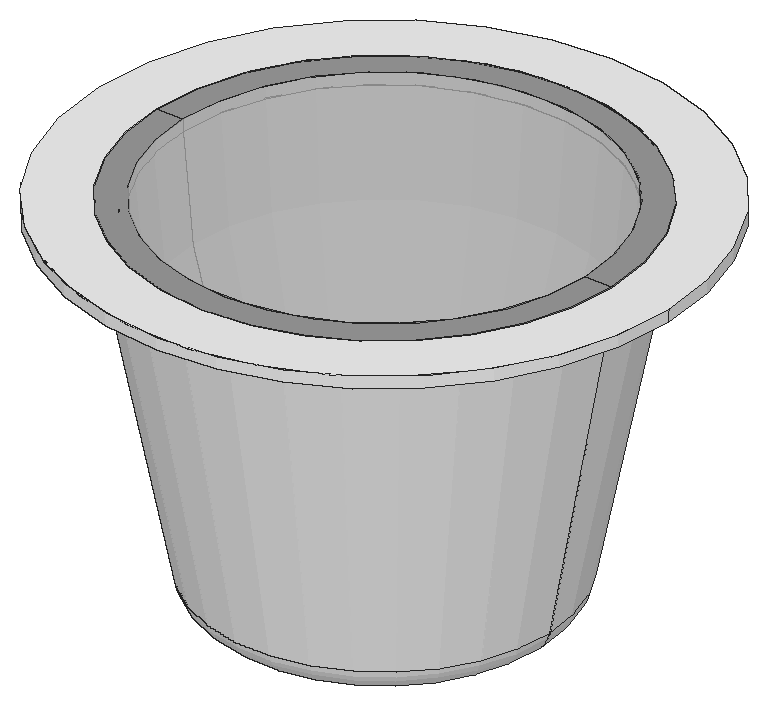
Revit family "2060507 Sylvania Lighting Fixture ASCENT100 II ARCH 650 4K DALI 120", category Lighting Fixtures, host Face, Revit 2016
Family settings
  Host = Face
  Part Type = Normal
  Round Connector Dimension = Use Diameter
  OmniClass Number = 23.80.70.11.17
  OmniClass Title = Specialized Lighting by Location or Use
  Cut with Voids When Loaded = No
  Light Source = Yes
  Shared = No
  Room Calculation Point = No
Parameters (values of type "2060507 ASCT100 II ARCH 650 4K DALI 120")
  Weight = "0.715 kg"
  WarrantyStartDate [instance] = "n/a"
  WarrantyGuarantorParts = "n/a"
  WarrantyDurationUnit = "n/a"
  WarrantyDurationParts = "n/a"
  WarrantyDescription = "n/a"
  Voltage = 0 V
  TypeName = "ASCENT100 II ARCH 650 4K DALI 120"
  SerialNumber [instance] = "n/a"
  ReflectorRadius_SYL = Radius_SYL - 15.0 mm  # 60.0 mm
  PowerFactor = 0
  PowerConsumption = "5 W"
  NominalWidth = 0.0 mm
  NominalLength = 0.0 mm
  NominalHeight = 94.0 mm
  Name = "ASCENT100 II ARCH 650 4K DALI 120"
  ModelReference = "ASCENT100 II ARCH 650 4K DALI 120"
  ModelNumber = "2060507"
  Material_4_SYL = Aluminium_Sylvania_Ascent_Silver
  Radius_SYL = 75.0 mm
  Wattage = 5 W
  built-in parameter 1150110 = 1 (stored number, unit not read)
  URL = "http://www.sylvania-lighting.com"
  built-in parameter 1114217 = 1 (stored number, unit not read)
  Tilt Angle = -90°
  built-in parameter 1150109 = 1 (stored number, unit not read)
  built-in parameter 1150134 = 12
  built-in parameter 1150113 = 1 (stored number, unit not read)
  Photometric Web File = "2060507.ies"
  Material = "aluminium housing, acrylic diffuser"
  ManufacturerName = "Feilo Sylvania"
  LuminousEfficacy = "131 lm/W"
  LuminaireType = ""
  LightOutputRatio = "100"
  LampsType = Lamp  # "LED"
  LampNominalLuminous = "653 lm"
  LampMacAdamStep = "n/a"
  LampColourTemperature = "4000 K"
  LampColourRenderingIndex = "80"
  Keynote = "16500"
  InstallationDate [instance] = "n/a"
  InputVoltage = "n/a"
  InputNominalFrequency = "n/a"
  IngressProtection = "IP40"
  ImpactProtectionIndex = "IK02"
  IfcExportType = "IfcLightFixtureType"
  IfcExportAs = "IfcLightFixtureType"
  Height_SYL = 94.0 mm
  ExpectedLife = 50000
  Emit from Circle Diameter = 2 * DiffuserRadius_SYL  # 106.0 mm
  Emit Shape Visible in Rendering = no
  ElectricShockClassification = "Class II"
  DurationUnit = "hours"
  DocumentationLiterature = "http://www.sylvania-lighting.com/product/en-int/products/2060507"
  DimmingControlOptions = "n/a"
  DiffuserRadius_SYL = ReflectorRadius_SYL - 7.0 mm  # 53.0 mm
  Material_3_SYL = Polycarbonate_Sylvania_Ascent_Clear
  Diameter_SYL = 2 * Radius_SYL  # 150.0 mm
  CutoutDiameter_SYL = Diameter_SYL - 13.0 mm  # 137.0 mm
  CreatedOn = "9/17/2018"
  CreatedBy = "@sylvania-lighting.com"
  built-in parameter 1114216 [instance] = 1 (stored number, unit not read)
  Model = "ASCENT100 II ARCH 650 4K DALI 120"
  Manufacturer = "Feilo Sylvania"
  built-in parameter 1150105 = 52.123 (stored number, unit not read)
  Lumens = 655 lm
  built-in parameter 1150115 = 1 (stored number, unit not read)
  built-in parameter 1150137 = (empty or 0)
  built-in parameter 1150139 = (empty or 0)
  built-in parameter 1150112 = 1 (stored number, unit not read)
  built-in parameter 1150114 = 1 (stored number, unit not read)
  Lamp = "LED"
  built-in parameter 1150132 = 2
  built-in parameter 1150102 = (empty or 0)
  built-in parameter 1150107 = 4000 (stored number, unit not read)
  built-in parameter 1150138 = (empty or 0)
  built-in parameter 1150106 = 0.52123 (stored number, unit not read)
  Material_1_SYL = Aluminum_Sylvania_Ascent_White
  built-in parameter 1150104 = 12.17 (stored number, unit not read)
  Dimming Lamp Color Temperature Shift = <None>
  Description = "Direct LED retro fit for original LED 100 Arch (120) single CFL lamp offering Matching lumen levels and improved light distribution of original LED 100 CFL lamp equivalents Typically half the power consumption compared to CFL Up to 104lm/W 120mm aperture Architectural reflector accepts range of glass accessories from existing LED 100 Arch 120 offering HE, HO and VHO versions equivalent of single 1 x 13W, 1 x 18W, 1 x 26W Additional VVHO versions which offer the performance circa 2 x 26W equivalent"  # constant formula
  Default Elevation = 0.0 mm
  Color Filter = 16777215
  built-in parameter 1140040 [instance] = 1
  BarCode [instance] = "n/a"
  built-in parameter 1114218 = 1 (stored number, unit not read)
  built-in parameter 1150133 = 10 (stored number, unit not read)
  AssetType = "Fixed"
  AssetIdentifier [instance] = "n/a"
  Assembly Code = "D5020200"
  Apparent Load = 5 VA
  Aperture_SYL = 2 * ReflectorRadius_SYL  # 120.0 mm
  Material_2_SYL = Aluminum_Sylvania_Ascent_White
Reference planes
  plane 1 "Center (Front/Back)": y = 0
  plane 2: z = 0
  plane 3 "Center (Left/Right)": x = 0
  plane 4 "Fixture Bottom": z = 3
  plane 5: z = -52.5
  plane 6 "Fixture Top": z = -91
Forms (mm)
  Extrusion 1, solid, material "Aluminum_Sylvania_Ascent_White" <- "Material_2_SYL", detail levels fine
    sketch origin (0, 0, 0) x (1, 0, 0) y (0, 1, 0)
      loop
        circle (0, 0) r 75
      loop
        circle (0, 0) r 60
    from 0 to 3
  Extrusion 2, void
    sketch origin (0, 0, 0) x (1, 0, 0) y (0, 1, 0)
      loop
        circle (0, 0) r 68.5
    from -91 to 3
  Revolve 3, solid, material "Aluminum_Sylvania_Ascent_White" <- "Material_1_SYL", detail levels fine
    sketch origin (0, 0, 0) x (1, 0, 0) y (0, 0, 1)
      loop
        line (0, -91.073) -> (0, -89.023) -> (-35.468, -89.014)
        arc (-35.468, -89.014) -> (-39.352, -87.613) -> (-41.54, -84.139) r 6.307
        line (-41.54, -84.139) -> (-57.991, -2.844) -> (-57.991, 0) -> (-60, 0) -> (-60, -3) -> (-43.5, -84.536)
        arc (-43.5, -84.536) -> (-40.643, -89.203) -> (-35.5, -91.073) r 8.291
        line (-35.5, -91.073) -> (0, -91.073)
      axis (0, 0) -> (0, -91.073)
    angle from 0 to 360
  Revolve 4, solid, material "Aluminium_Sylvania_Ascent_Silver" <- "Material_4_SYL", detail levels fine
    sketch origin (0, 0, 0) x (1, 0, 0) y (0, 0, 1)
      loop
        line (-60, 3) -> (-60, 0) -> (-55, 0)
        arc (-55, 0) -> (-52.349, -26.77) -> (-44.5, -52.5) r 136.5
        line (-44.5, -52.5) -> (-38, -52.5)
        arc (-38, -52.5) -> (-36.857, -61.521) -> (-33.5, -69.971) r 36.166
        line (-33.5, -69.971) -> (0, -69.971) -> (0, -50.5) -> (-43.16, -50.5)
        arc (-43.16, -50.5) -> (-50.517, -25.725) -> (-53, 0) r 134.5
        line (-53, 0) -> (-53, 3) -> (-60, 3)
      axis (0, 3) -> (0, -69.971)
    angle from 0 to 360
  Extrusion 5, solid, material "Polycarbonate_Sylvania_Ascent_Clear" <- "Material_3_SYL", detail levels fine
    sketch origin (0, 0, 0) x (1, 0, 0) y (0, 1, 0)
      loop
        circle (0, 0) r 53
    from 0 to 3
  Revolve 6, solid, material "Aluminum_Sylvania_Ascent_White" <- "Material_2_SYL", detail levels coarse+medium
    sketch origin (0, 0, 0) x (1, 0, 0) y (0, 0, 1)
      loop
        line (0, -91.073) -> (0, 3) -> (-75, 3) -> (-75, 0) -> (-60, 0) -> (-60, -3) -> (-43.5, -84.536)
        arc (-43.5, -84.536) -> (-40.643, -89.203) -> (-35.5, -91.073) r 8.291
        line (-35.5, -91.073) -> (0, -91.073)
      axis (0, 3) -> (0, -91.073)
    angle from 0 to 360
Dimensions and locks
  locked: plane 4 "Fixture Bottom" to plane 2 at 3
  "Height_SYL": plane 4 "Fixture Bottom" to plane 6 "Fixture Top"
  "ReflectorRadius_SYL": plane 3 "Center (Left/Right)" to Revolve 4 sketch curve
  locked: Revolve 4 sketch curve to Revolve 4 sketch curve at 15.5
  locked: Revolve 4 sketch curve to Revolve 4 sketch curve at 5
  locked: Revolve 4 sketch curve to Revolve 4 sketch curve at 7
  locked: Revolve 4 sketch curve to Revolve 4 sketch curve at 22
  locked: Revolve 4 sketch curve to Revolve 4 sketch curve at 26.5
  locked: Revolve 3 sketch curve to Revolve 3 sketch curve at 16.5
  locked: Revolve 3 sketch curve to Revolve 3 sketch curve at 24.5
  "ReflectorRadius_SYL": Revolve 3 sketch curve to plane 3 "Center (Left/Right)"
  locked: Revolve 3 sketch curve to plane 6 "Fixture Top" at 6.464
  locked: plane 2 to Revolve 3 sketch curve at 3
  locked: Revolve 3 sketch curve to Revolve 3 sketch curve at 2
  locked: Revolve 3 sketch curve to Revolve 3 sketch curve at 2.009
  locked: plane 2 to plane 5 at 52.5
  locked: Revolve 6 sketch curve to Revolve 6 sketch curve at 31.5
  locked: Revolve 6 sketch curve to Revolve 6 sketch curve at 39.5
  locked: Revolve 6 sketch curve to Revolve 6 sketch curve at 15
  "Radius_SYL": plane 3 "Center (Left/Right)" to Revolve 6 sketch curve
  "CutoutDiameter_SYL": diameter of Extrusion 2 sketch curve
  "ReflectorRadius_SYL": radius of Extrusion 1 sketch curve
  "DiffuserRadius_SYL": radius of Extrusion 5 sketch curve
  "Radius_SYL": radius of Extrusion 1 sketch curve
  aligned and locked: host face to plane 2
  aligned and locked: host face to level
  aligned and locked: plane 1 "Center (Front/Back)" to imposter light
  aligned and locked: plane 3 "Center (Left/Right)" to imposter light
  aligned and locked: plane 4 "Fixture Bottom" to Extrusion 1
  aligned and locked: Extrusion 1 to plane 2
  aligned and locked: Revolve 3 sketch curve to plane 3 "Center (Left/Right)"
  aligned and locked: Revolve 4 sketch curve to plane 3 "Center (Left/Right)"  (x2)
  aligned and locked: plane 4 "Fixture Bottom" to Revolve 4 sketch curve
  aligned and locked: Revolve 3 sketch curve to imposter light
  aligned and locked: Extrusion 5 to plane 2
  aligned and locked: imposter light to Extrusion 5
  aligned and locked: plane 2 to Revolve 3 sketch curve  (x2)
  aligned and locked: Revolve 6 sketch curve to imposter light
  aligned and locked: Revolve 6 sketch curve to plane 3 "Center (Left/Right)"
  aligned and locked: plane 6 "Fixture Top" to Extrusion 2
  aligned and locked: imposter light to Extrusion 2
  aligned and locked: imposter light to plane 4 "Fixture Bottom"
Automatic sketch dimensions
  plane 1 "Center (Front/Back)" to Extrusion 2 sketch curve = 0.0 mm
  Extrusion 2 sketch curve to plane 3 "Center (Left/Right)" = 0.0 mm
  Extrusion 1 sketch curve to Extrusion 1 sketch curve = 0.0 mm  (x2)
  plane 1 "Center (Front/Back)" to Extrusion 1 sketch curve = 0.0 mm
  Extrusion 1 sketch curve to plane 3 "Center (Left/Right)" = 0.0 mm
  plane 6 "Fixture Top" to Revolve 3 sketch curve = 0.073 mm
  Revolve 3 sketch curve to plane 6 "Fixture Top" = 6.861 mm
  Revolve 3 sketch curve to Revolve 3 sketch curve = 0.003 mm
  Revolve 3 sketch curve to Revolve 3 sketch curve = 0.009 mm  (x2)
  Revolve 3 sketch curve to Revolve 3 sketch curve = 0.023 mm
  Revolve 3 sketch curve to Revolve 3 sketch curve = 0.072 mm
  Revolve 3 sketch curve to Revolve 3 sketch curve = 0.008 mm
  Revolve 3 sketch curve to plane 6 "Fixture Top" = 1.977 mm
  Revolve 3 sketch curve to Revolve 3 sketch curve = 33.496 mm
  Revolve 3 sketch curve to Revolve 3 sketch curve = 0.028 mm
  plane 4 "Fixture Bottom" to Revolve 3 sketch curve = 82.431 mm
  Revolve 4 sketch curve to Revolve 4 sketch curve = 0.0 mm  (x2)
  Revolve 4 sketch curve to plane 5 = 0.0 mm
  Revolve 4 sketch curve to level = 0.0 mm
  plane 5 to Revolve 4 sketch curve = 2.0 mm
  plane 4 "Fixture Bottom" to Revolve 4 sketch curve = 9.642 mm
  plane 1 "Center (Front/Back)" to Extrusion 5 sketch curve = 0.0 mm
  Extrusion 5 sketch curve to plane 3 "Center (Left/Right)" = 0.0 mm
  Revolve 4 sketch curve to level = 69.971 mm
  Revolve 4 sketch curve to Revolve 4 sketch curve = 2.387 mm
  Revolve 6 sketch curve to level = 0.0 mm
  Revolve 6 sketch curve to plane 3 "Center (Left/Right)" = 0.0 mm
  Revolve 6 sketch curve to Revolve 6 sketch curve = 8.104 mm
  Revolve 6 sketch curve to level = 3.0 mm
  Revolve 6 sketch curve to plane 6 "Fixture Top" = 6.464 mm
  plane 6 "Fixture Top" to Revolve 6 sketch curve = 0.073 mm
  Revolve 6 sketch curve to Revolve 6 sketch curve = 33.496 mm
  plane 4 "Fixture Bottom" to Revolve 6 sketch curve = 82.431 mm
  host sketch curve to host sketch curve = 1368.192 mm
  host sketch curve to host sketch curve = 1600.367 mm
Connectors
  electrical at (0, 0, -91.073), driven by "Apparent Load"
    settings: on Revolve 3, index 1, voltage 240 V, apparent load 0 VA, apparent load phase1 5 VA, apparent load phase2 0 VA, apparent load phase3 0 VA, power factor 1, load classification "Lighting", number of poles 1, system type 31, power factor state 1, is connector primary yes, connector utility no, sub classification motor no, connector description ""
